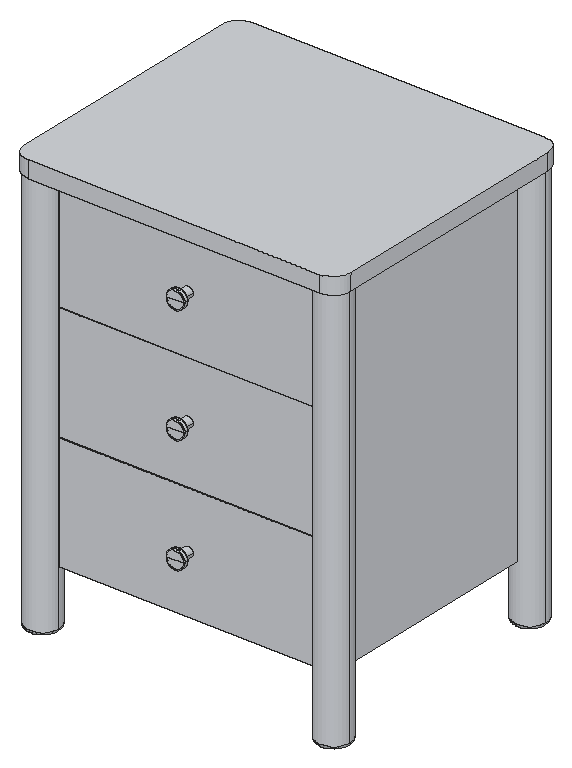
Revit family "5601 - Juni 3 Drawer Bedside.bak", category Furniture, Revit 2020
Family settings
  OmniClass Number = 23.40.20.00
  OmniClass Title = General Furniture and Specialties
  Work Plane-Based = No
  Always vertical = Yes
  Cut with Voids When Loaded = No
  Shared = No
  Room Calculation Point = No
Parameters
  Top Material = none
  Front Material = none
  Default Elevation = 0 mm
  Base Material = none
Reference planes
  plane 1 "Center (Front/Back)": y = 0
  plane 2: z = 0
  plane 3 "Center (Left/Right)": x = 0
  plane 4: x = -250
  plane 5: x = 250
  plane 6: y = -215
  plane 7: y = 215
  plane 8: x = -223
  plane 9: x = 223
  plane 10: x = 198
  plane 11: x = -198
  plane 12: y = 188
  plane 13: y = 213
  plane 14: y = 187
  plane 15: y = 212
  plane 16: y = 194
  plane 17: y = -188
  plane 18: y = -170
  plane 19: x = 196
  plane 20: x = -196
  plane 21: z = 650
  plane 22: z = 625
  plane 23: z = 90
  plane 24: z = 267
  plane 25: z = 268
  plane 26: z = 445
  plane 27: z = 446
  plane 28: z = 623
  plane 29: z = 108
  plane 30: y = -80
Forms (mm)
  Extrusion 1, solid, material <- "Base Material"
    sketch origin (0, 0, 0) x (0, 1, 0) y (0, 0, 1)
      loop
        line (-80, 108) -> (-170, 108) -> (-170, 90) -> (-80, 90) -> (-80, 108)
    from -198 to 198
  Extrusion 2, solid, material <- "Base Material"
    sketch origin (0, 0, 0) x (1, 0, 0) y (0, 1, 0)
      loop
        line (-198, 212) -> (-198, 194) -> (198, 194) -> (198, 212) -> (-198, 212)
    from 90 to 625
  Extrusion 3, solid, material <- "Base Material"
    sketch origin (0, 0, 0) x (1, 0, 0) y (0, 1, 0)
      loop
        line (-223, 213) -> (-223, -188) -> (-198, -188) -> (-198, 213) -> (-223, 213)
    from 90 to 625
  Extrusion 4, solid, material <- "Base Material"
    sketch origin (0, 0, 0) x (-1, 0, 0) y (0, -1, 0)
      loop
        line (-223, -213) -> (-198, -213) -> (-198, 188) -> (-223, 188) -> (-223, -213)
    from 90 to 625
  Extrusion 5, solid, material <- "Front Material"
    sketch origin (0, 0, 0) x (0, 1, 0) y (0, 0, 1)
      loop
        line (-170, 267) -> (-188, 267) -> (-188, 90) -> (-170, 90) -> (-170, 267)
    from -196 to 196
  Extrusion 6, solid, material <- "Front Material"
    sketch origin (0, 0, 178) x (0, 1, 0) y (0, 0, 1)
      loop
        line (-170, 267) -> (-188, 267) -> (-188, 90) -> (-170, 90) -> (-170, 267)
    from -196 to 196
  Extrusion 7, solid, material <- "Front Material"
    sketch origin (0, 0, 356) x (0, 1, 0) y (0, 0, 1)
      loop
        line (-170, 267) -> (-188, 267) -> (-188, 90) -> (-170, 90) -> (-170, 267)
    from -196 to 196
  Extrusion 8, solid, material <- "Top Material"
    sketch origin (0, 0, 0) x (1, 0, 0) y (0, 1, 0)
      loop
        arc (-223, 215) -> (-242.092, 207.092) -> (-250, 188) r 27
        line (-250, 188) -> (-250, -188)
        arc (-250, -188) -> (-242.092, -207.092) -> (-223, -215) r 27
        line (-223, -215) -> (223, -215)
        arc (223, -215) -> (242.092, -207.092) -> (250, -188) r 27
        line (250, -188) -> (250, 188)
        arc (250, 188) -> (242.092, 207.092) -> (223, 215) r 27
        line (223, 215) -> (-223, 215)
    from 625 to 650
  Revolve 9, solid, material <- "Base Material"
    sketch origin (-274.745, -188, 1200) x (-1, 0, 0) y (0, 0, 1)
      loop
        line (-497.745, -575) -> (-497.745, -1200) -> (-476.286, -1200)
        arc (-476.286, -1200) -> (-473.782, -1198.963) -> (-472.745, -1196.458) r 3.542
        line (-472.745, -1196.458) -> (-472.745, -575) -> (-497.745, -575)
      axis (-497.745, -575) -> (-497.745, -1200)
    angle from 0 to 360
  Revolve 10, solid, material <- "Base Material"
    sketch origin (-274.745, 188, 1200) x (-1, 0, 0) y (0, 0, -1)
      loop
        line (-497.745, 575) -> (-472.745, 575) -> (-472.745, 1196.458)
        arc (-472.745, 1196.458) -> (-473.782, 1198.963) -> (-476.286, 1200) r 3.542
        line (-476.286, 1200) -> (-497.745, 1200) -> (-497.745, 575)
      axis (-497.745, 575) -> (-497.745, 1200)
    angle from 0 to 360
  Revolve 11, solid, material <- "Base Material"
    sketch origin (274.745, -188, 1200) x (1, 0, 0) y (0, 0, -1)
      loop
        line (-497.745, 575) -> (-472.745, 575) -> (-472.745, 1196.458)
        arc (-472.745, 1196.458) -> (-473.782, 1198.963) -> (-476.286, 1200) r 3.542
        line (-476.286, 1200) -> (-497.745, 1200) -> (-497.745, 575)
      axis (-497.745, 575) -> (-497.745, 1200)
    angle from 0 to 360
  Revolve 12, solid, material <- "Base Material"
    sketch origin (274.745, 188, 1200) x (1, 0, 0) y (0, 0, 1)
      loop
        line (-497.745, -575) -> (-497.745, -1200) -> (-476.286, -1200)
        arc (-476.286, -1200) -> (-473.782, -1198.963) -> (-472.745, -1196.458) r 3.542
        line (-472.745, -1196.458) -> (-472.745, -575) -> (-497.745, -575)
      axis (-497.745, -575) -> (-497.745, -1200)
    angle from 0 to 360
Dimensions and locks
  aligned and locked: level to plane 2
Nested families
  nested 1: "Dial" at (0, 112, -8.381), type "Dial"
  nested 2: "Dial" at (0, 112, 170.078), type "Dial"
  nested 3: "Dial" at (0, 112, -186.743), type "Dial"
Definition of nested family "Dial"
  Parameters (values of type "Dial")
    Handle Material = none
    Default Elevation = 0 mm
  Reference planes
    plane 1 "Center (Front/Back)": y = 0
    plane 2: z = 0
    plane 3 "Center (Left/Right)": x = 0
    plane 4: z = 365.592
  Forms (mm)
    Revolve 1, solid, material <- "Handle Material"
      sketch origin (3.75, -1524, 365.592) x (0, -1, 0) y (1, 0, 0)
        loop
          line (-1224, -3.75) -> (-1199.009, -3.75) -> (-1199.009, 9.232)
          arc (-1199.009, 9.232) -> (-1199.307, 9.952) -> (-1200.026, 10.25) r 1.018
          line (-1200.026, 10.25) -> (-1204.606, 10.25)
          arc (-1204.606, 10.25) -> (-1205.313, 9.957) -> (-1205.606, 9.25) r 1
          line (-1205.606, 9.25) -> (-1205.606, 5.298)
          arc (-1205.606, 5.298) -> (-1206.059, 4.203) -> (-1207.154, 3.75) r 1.548
          line (-1207.154, 3.75) -> (-1224, 3.75) -> (-1224, -3.75)
        axis (-1199.009, -3.75) -> (-1224, -3.75)
      angle from 0 to 360
  Dimensions and locks
    aligned and locked: level to plane 2
